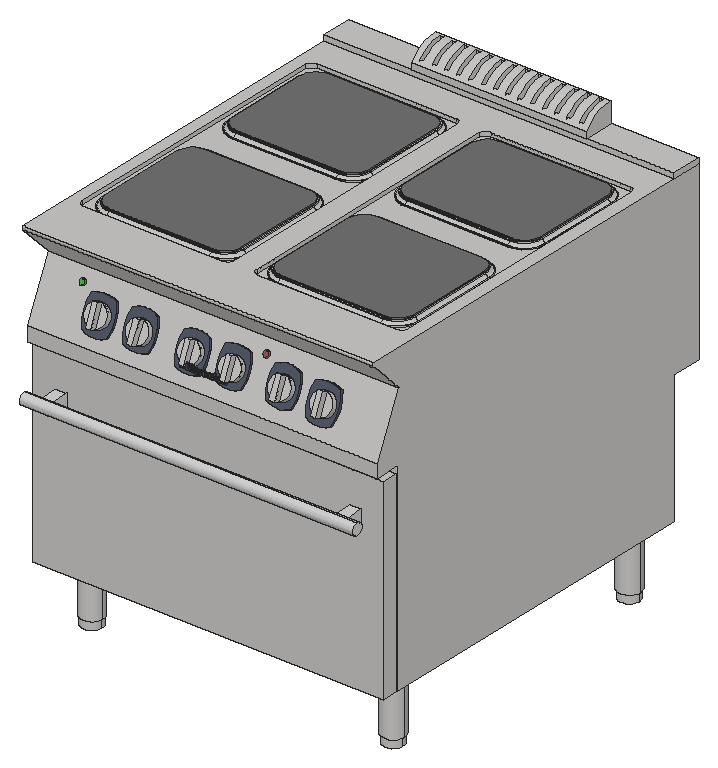
Revit family "QF_ELECTROLUXPROFESSIONAL_391041_E9ECEH4QE0", category Specialty Equipment, Revit 2018 (continued)
Automatic sketch dimensions
  plane 1 "BACK" to curve 74 = 6.761 mm
  curve 80 to curve 74 = 18.693 mm
  curve 74 to curve 75 = 9.296 mm
  plane 1 "BACK" to curve 70 = 6.761 mm
  curve 76 to curve 70 = 18.693 mm
  curve 70 to curve 71 = 9.296 mm
  plane 1 "BACK" to curve 65 = 6.761 mm
  curve 72 to curve 65 = 18.693 mm
  curve 62 to curve 64 = 9.296 mm
  curve 63 to curve 118 = 13.428 mm
  curve 1 to plane 3 "LEFT" = 100.019 mm
  curve 1 to plane 1 "BACK" = 100.019 mm
  plane 1 "BACK" to curve 101 = 6.761 mm
  plane 1 "BACK" to curve 97 = 6.761 mm
  plane 1 "BACK" to curve 93 = 6.761 mm
  curve 88 to curve 88 = 55.162 mm
  curve 84 to curve 87 = 0 mm
  curve 86 to curve 90 = 0 mm
  curve 80 to curve 83 = 0 mm
  curve 90 to curve 94 = 0 mm
  curve 76 to curve 79 = 0 mm
  curve 94 to curve 98 = 0 mm
  curve 72 to curve 75 = 0 mm
  curve 98 to curve 102 = 0 mm
  curve 68 to curve 68 = 55.162 mm
  curve 102 to curve 106 = 0 mm
  curve 64 to curve 71 = 0 mm
  curve 106 to curve 110 = 0 mm
  curve 110 to curve 116 = 0 mm
  curve 66 to curve 118 = 7.927 mm
  curve 13 to curve 21 = 0 mm  (x2)
  curve 13 to curve 29 = 0 mm  (x2)
  curve 13 to curve 37 = 0 mm  (x2)
  curve 15 to curve 23 = 0 mm  (x2)
  curve 15 to curve 35 = 0 mm  (x2)
  curve 17 to curve 25 = 0 mm  (x2)
  curve 17 to curve 33 = 0 mm
  curve 19 to curve 27 = 0 mm
  curve 19 to curve 31 = 0 mm  (x2)
  curve 19 to curve 43 = 0 mm  (x2)
  curve 33 to curve 41 = 0 mm  (x2)
  curve 35 to curve 39 = 0 mm
  curve 45 to curve 53 = 0 mm
  curve 45 to curve 162 = 0 mm
  curve 47 to curve 55 = 0 mm  (x2)
  curve 47 to curve 158 = 0 mm  (x2)
  curve 47 to curve 164 = 0 mm  (x2)
  curve 49 to curve 57 = 0 mm  (x2)
  curve 49 to curve 156 = 0 mm  (x2)
  curve 49 to curve 166 = 0 mm  (x2)
  curve 51 to curve 59 = 0 mm  (x2)
  curve 59 to curve 154 = 0 mm
  curve 59 to curve 168 = 0 mm
  curve 121 to curve 129 = 0 mm  (x2)
  curve 121 to curve 137 = 0 mm  (x2)
  curve 123 to curve 131 = 0 mm  (x2)
  curve 125 to curve 133 = 0 mm  (x2)
  curve 127 to curve 135 = 0 mm
  curve 131 to curve 143 = 0 mm  (x2)
  curve 133 to curve 141 = 0 mm
  curve 135 to curve 151 = 0 mm  (x2)
  curve 137 to curve 145 = 0 mm
  curve 139 to curve 151 = 0 mm  (x2)
  curve 141 to curve 149 = 0 mm  (x2)
  curve 143 to curve 147 = 0 mm  (x2)
  curve 154 to curve 168 = 0 mm
  curve 160 to curve 162 = 0 mm  (x2)
  curve 169 to curve 184 = 0 mm  (x2)
  curve 171 to curve 198 = 0 mm  (x2)
  curve 173 to curve 189 = 0 mm
  curve 173 to curve 196 = 0 mm  (x2)
  curve 175 to curve 182 = 0 mm
  curve 175 to curve 194 = 0 mm
  curve 178 to curve 187 = 0 mm
  curve 178 to curve 198 = 0 mm  (x2)
  curve 180 to curve 196 = 0 mm  (x2)
  curve 182 to curve 194 = 0 mm
  curve 184 to curve 199 = 0 mm
  curve 185 to curve 199 = 0 mm  (x2)
  curve 187 to curve 198 = 0 mm
  curve 189 to curve 196 = 0 mm
  curve 191 to curve 194 = 0 mm
  plane 5 "FRONT" to curve 218 = 0 mm
  plane 1 "BACK" to curve 120 = 0 mm
  curve 223 to plane 3 "LEFT" = 0 mm
  curve 212 to plane 4 "RIGHT" = 19.875 mm
  curve 207 to plane 10 = 8.115 mm
  curve 207 to plane 4 "RIGHT" = 27.5 mm
  plane 16 to curve 190 = 17.339 mm
  plane 16 to curve 146 = 17.339 mm
  curve 191 to curve 195 = 1.714 mm
  curve 145 to curve 144 = 1.714 mm
  plane 10 to curve 200 = 6.885 mm
  plane 16 to curve 205 = 13.5 mm
  curve 137 to curve 130 = 6.35 mm
  curve 194 to curve 182 = 6.35 mm
  curve 180 to curve 173 = 3 mm
  curve 129 to curve 121 = 3 mm
  plane 16 to curve 218 = 5.2 mm
  plane 5 "FRONT" to curve 221 = 7.049 mm
  curve 221 to plane 16 = 20.2 mm
  curve 147 to plane 16 = 30.725 mm
  curve 173 to plane 16 = 30.725 mm
  curve 145 to plane 16 = 30.725 mm
  curve 175 to plane 16 = 30.725 mm
  plane 12 to curve 120 = 58.15 mm
  curve 145 to curve 120 = 113.275 mm
  curve 179 to plane 10 = 10 mm
  plane 7 "Center Y" to curve 179 = 78.275 mm
  plane 14 to curve 185 = 32 mm
  plane 7 "Center Y" to curve 185 = 78.275 mm
  curve 135 to plane 12 = 32.419 mm
  plane 7 "Center Y" to curve 135 = 78.275 mm
  plane 8 "Center X" to curve 133 = 35.581 mm
  curve 133 to curve 192 = 0 mm
  curve 127 to curve 126 = 37 mm
  curve 171 to curve 171 = 37 mm
  curve 187 to curve 201 = 38.026 mm
  curve 203 to plane 12 = 30.534 mm
  curve 135 to curve 203 = 38.026 mm
  curve 203 to curve 203 = 15 mm
  curve 11 to plane 10 = 8.115 mm
  curve 11 to plane 7 "Center Y" = 25.249 mm
  curve 10 to plane 7 "Center Y" = 25.249 mm
  curve 167 to plane 7 "Center Y" = 30.211 mm
  curve 41 to plane 7 "Center Y" = 30.211 mm
  curve 167 to curve 155 = 1.714 mm
  curve 42 to curve 31 = 1.714 mm
  curve 154 to curve 51 = 6.35 mm
  curve 32 to curve 26 = 6.35 mm
  curve 11 to curve 11 = 15 mm
  curve 10 to plane 12 = 15.534 mm
  curve 10 to curve 10 = 15 mm
  curve 50 to curve 57 = 3 mm
  curve 25 to curve 17 = 3 mm
  curve 157 to plane 10 = 3.65 mm
  curve 11 to curve 157 = 38.026 mm
  curve 161 to plane 8 "Center X" = 37.936 mm
  curve 58 to curve 161 = 37 mm
  curve 10 to curve 30 = 38.026 mm
  plane 8 "Center X" to curve 16 = 38.581 mm
  curve 18 to curve 16 = 37 mm
  curve 119 to plane 15 = 144 mm
  curve 20 to plane 15 = 30.725 mm
  curve 164 to plane 15 = 30.725 mm
  curve 23 to plane 15 = 30.725 mm
  curve 162 to plane 15 = 30.725 mm
  curve 217 to plane 15 = 20.2 mm
  plane 15 to curve 216 = 5.2 mm
  plane 15 to curve 14 = 6.275 mm
  plane 15 to curve 53 = 6.275 mm
  plane 15 to curve 9 = 13.5 mm
  plane 15 to curve 12 = 13.5 mm
  curve 9 to curve 9 = 15 mm
  curve 12 to curve 12 = 15 mm
  plane 3 "LEFT" to curve 214 = 19.875 mm
  plane 12 to curve 119 = 58.15 mm
  curve 9 to plane 12 = 15.534 mm
  curve 37 to plane 12 = 24.355 mm
  curve 12 to plane 10 = 8.115 mm
  plane 5 "FRONT" to curve 214 = 7.049 mm
  plane 5 "FRONT" to curve 213 = 7.049 mm
  curve 213 to curve 218 = 15.802 mm
  curve 222 to curve 215 = 15.802 mm
  curve 212 to curve 212 = 25.4 mm
  curve 223 to plane 18 = 0.314 mm
  curve 7 to plane 7 "Center Y" = 25.249 mm
  curve 7 to curve 6 = 15 mm
  plane 10 to curve 8 = 6.885 mm
  curve 7 to curve 8 = 15 mm
  plane 15 to curve 6 = 13.5 mm
  plane 15 to curve 8 = 13.5 mm
  curve 6 to curve 5 = 15 mm
  curve 5 to plane 10 = 8.115 mm
  curve 7 to plane 10 = 8.115 mm
  curve 7 to plane 12 = 30.534 mm
  curve 5 to plane 12 = 30.534 mm
  curve 6 to plane 12 = 15.534 mm
  Extrusion 1 sketch curve to plane 6 "TOP" = 0 mm
  Extrusion 1 sketch curve to plane 11 = 0 mm
  Extrusion 1 sketch curve to plane 9 "BASE" = 0 mm
  Extrusion 1 sketch curve to plane 1 "BACK" = 0 mm
  Extrusion 1 sketch curve to plane 5 "FRONT" = 6.35 mm
  Extrusion 1 sketch curve to plane 5 "FRONT" = 1.959 mm
  Extrusion 1 sketch curve to plane 5 "FRONT" = 1.799 mm
  Extrusion 1 sketch curve to plane 11 = 55.977 mm
  plane 10 to Extrusion 1 sketch curve = 54.039 mm
  plane 12 to Extrusion 1 sketch curve = 57 mm
  plane 9 "BASE" to Extrusion 1 sketch curve = 300 mm
  Extrusion 1 sketch curve to plane 6 "TOP" = 244.211 mm
  Extrusion 1 sketch curve to Extrusion 1 sketch curve = 5.911 mm
  Extrusion 1 sketch curve to Extrusion 1 sketch curve = 32.253 mm
  Extrusion 1 sketch curve to plane 6 "TOP" = 83.191 mm
  Extrusion 1 sketch curve to plane 6 "TOP" = 9.015 mm
  Extrusion 2 sketch curve to plane 4 "RIGHT" = 27.5 mm
  plane 16 to Extrusion 2 sketch curve = 13.5 mm  (x2)
  plane 10 to Extrusion 2 sketch curve = 6.885 mm  (x2)
  Extrusion 2 sketch curve to plane 10 = 8.115 mm  (x3)
  plane 7 "Center Y" to Extrusion 2 sketch curve = 40.249 mm
  Extrusion 2 sketch curve to plane 12 = 15.534 mm  (x2)
  Extrusion 2 sketch curve to Extrusion 2 sketch curve = 15 mm  (x2)
  Extrusion 2 sketch curve to plane 7 "Center Y" = 25.249 mm
  plane 15 to Extrusion 2 sketch curve = 13.5 mm  (x2)
  plane 5 "FRONT" to Extrusion 3 sketch curve = 0 mm  (x2)
  Extrusion 3 sketch curve to plane 3 "LEFT" = 0 mm
  Extrusion 3 sketch curve to plane 4 "RIGHT" = 0 mm
  plane 1 "BACK" to Extrusion 3 sketch curve = 0 mm
  Extrusion 3 sketch curve to plane 3 "LEFT" = 100.019 mm
  plane 4 "RIGHT" to Extrusion 3 sketch curve = 100.019 mm
  Extrusion 3 sketch curve to plane 1 "BACK" = 100.019 mm
  Extrusion 4 sketch curve to Extrusion 2 = 19.225 mm  (x4)
  Extrusion 4 sketch curve to Extrusion 2 = 16.885 mm  (x3)
  Extrusion 4 sketch curve to Extrusion 4 sketch curve = 40 mm  (x6)
  Extrusion 4 sketch curve to Extrusion 2 = 53.026 mm  (x6)
  Extrusion 4 sketch curve to Extrusion 2 = 13.026 mm  (x4)
  Extrusion 4 sketch curve to Extrusion 2 = 59.225 mm  (x4)
  Extrusion 4 sketch curve to Extrusion 4 sketch curve = 189 mm
  Extrusion 4 sketch curve to Extrusion 4 sketch curve = 0 mm
  Extrusion 4 sketch curve to Extrusion 4 sketch curve = 81.581 mm  (x2)
  Extrusion 4 sketch curve to Extrusion 2 = 56.885 mm
  Sweep 5 sketch curve to Extrusion 4 = 40 mm
  Sweep 5 sketch curve to Sweep 5 sketch curve = 40 mm
  profile plane to Sweep 5 sketch curve = 0 mm
  profile plane to Sweep 5 sketch curve = 6.35 mm
  Sweep 5 sketch curve to Sweep 5 sketch curve = 1.714 mm
  profile plane to Sweep 5 sketch curve = 4.181 mm
  profile plane to Sweep 5 sketch curve = 12.291 mm
  Sweep 5 sketch curve to profile plane = 1.759 mm
  Sweep 5 sketch curve to Sweep 5 sketch curve = 1.891 mm
  Sweep 6 sketch curve to Extrusion 4 = 40 mm  (x2)
  profile plane to Sweep 6 sketch curve = 0 mm
  profile plane to Sweep 6 sketch curve = 6.35 mm
  Sweep 6 sketch curve to Sweep 6 sketch curve = 1.714 mm
  profile plane to Sweep 6 sketch curve = 4.181 mm
  profile plane to Sweep 6 sketch curve = 12.291 mm
  Sweep 6 sketch curve to profile plane = 1.759 mm
  Sweep 6 sketch curve to Sweep 6 sketch curve = 1.891 mm
  Extrusion 7 sketch curve to Extrusion 4 = 40 mm  (x6)
  Extrusion 7 sketch curve to Extrusion 7 sketch curve = 37 mm  (x2)
  Extrusion 1 to Extrusion 8 sketch curve = 29.678 mm
  Extrusion 1 to Extrusion 8 sketch curve = 89.398 mm
  Extrusion 9 sketch curve to Extrusion 9 sketch curve = 0 mm  (x23)
  Extrusion 9 sketch curve to plane 16 = 91.266 mm
  Extrusion 9 sketch curve to plane 15 = 81.734 mm
  plane 7 "Center Y" to Extrusion 9 sketch curve = 55.556 mm
  Extrusion 9 sketch curve to Extrusion 9 sketch curve = 24.732 mm  (x12)
  Extrusion 9 sketch curve to Extrusion 9 sketch curve = 5.786 mm  (x5)
  Extrusion 9 sketch curve to Extrusion 9 sketch curve = 83.428 mm
  Extrusion 9 sketch curve to plane 7 "Center Y" = 38.194 mm
  Extrusion 9 sketch curve to Extrusion 9 sketch curve = 105.928 mm
  Extrusion 9 sketch curve to Extrusion 9 sketch curve = 11.572 mm
  Extrusion 10 sketch curve to plane 7 "Center Y" = 161.537 mm
  Extrusion 10 sketch curve to plane 7 "Center Y" = 44.037 mm
  Extrusion 10 sketch curve to Extrusion 10 sketch curve = 0 mm  (x5)
  plane 7 "Center Y" to Extrusion 10 sketch curve = 49.713 mm
  Extrusion 10 sketch curve to Extrusion 10 sketch curve = 113.75 mm
  Extrusion 10 sketch curve to plane 16 = 85.537 mm
  Extrusion 10 sketch curve to plane 15 = 87.463 mm
  Extrusion 13 sketch curve to Extrusion 1 = 31.119 mm  (x6)
  Extrusion 13 sketch curve to Extrusion 1 = 33.619 mm  (x6)
  Extrusion 13 sketch curve to Extrusion 13 sketch curve = 12.3 mm  (x18)
  Extrusion 13 sketch curve to Extrusion 13 sketch curve = 32.425 mm  (x3)
  Extrusion 13 sketch curve to Extrusion 13 sketch curve = 34.925 mm  (x4)
  Extrusion 13 sketch curve to Extrusion 13 sketch curve = 2.5 mm  (x4)
  Extrusion 13 sketch curve to Extrusion 13 sketch curve = 0 mm
  Extrusion 13 sketch curve to Extrusion 13 sketch curve = 20.02 mm  (x3)
  Extrusion 13 sketch curve to Extrusion 13 sketch curve = 45.146 mm  (x3)
  Extrusion 1 to Extrusion 13 sketch curve = 89.526 mm
  Extrusion 13 sketch curve to Extrusion 13 sketch curve = 25.727 mm  (x3)
  Extrusion 13 sketch curve to Extrusion 13 sketch curve = 25.771 mm
  Extrusion 13 sketch curve to Extrusion 13 sketch curve = 28.531 mm  (x2)
  Extrusion 13 sketch curve to Extrusion 13 sketch curve = 15.703 mm  (x3)
  Extrusion 13 sketch curve to Extrusion 13 sketch curve = 35.707 mm
  Extrusion 13 sketch curve to Extrusion 13 sketch curve = 10.068 mm
  Extrusion 13 sketch curve to Extrusion 13 sketch curve = 5.896 mm
  Extrusion 13 sketch curve to Extrusion 13 sketch curve = 25.683 mm  (x2)
  Extrusion 13 sketch curve to Extrusion 13 sketch curve = 28.575 mm  (x4)
  Extrusion 13 sketch curve to Extrusion 13 sketch curve = 9.98 mm  (x2)
  Extrusion 13 sketch curve to Extrusion 13 sketch curve = 35.795 mm  (x2)
  Extrusion 13 sketch curve to Extrusion 13 sketch curve = 10.803 mm
  plane 1 "BACK" to Extrusion 14 sketch curve = 6.761 mm
  Extrusion 14 sketch curve to plane 15 = 166.749 mm
  Extrusion 14 sketch curve to Extrusion 14 sketch curve = 9.296 mm
  Extrusion 14 sketch curve to Extrusion 14 sketch curve = 55.162 mm
  Extrusion 15 sketch curve to plane 1 "BACK" = 6.761 mm
  plane 16 to Extrusion 15 sketch curve = 166.749 mm
  Extrusion 15 sketch curve to Extrusion 15 sketch curve = 9.296 mm
  Extrusion 15 sketch curve to Extrusion 15 sketch curve = 55.162 mm
  plane 1 "BACK" to Extrusion 16 sketch curve = 6.761 mm
  Extrusion 16 sketch curve to plane 7 "Center Y" = 149.263 mm
  Extrusion 16 sketch curve to Extrusion 16 sketch curve = 9.296 mm
  Extrusion 16 sketch curve to Extrusion 16 sketch curve = 55.162 mm
  plane 1 "BACK" to Extrusion 17 sketch curve = 6.761 mm
  Extrusion 17 sketch curve to plane 7 "Center Y" = 121.275 mm
  Extrusion 17 sketch curve to Extrusion 17 sketch curve = 9.296 mm
  Extrusion 17 sketch curve to Extrusion 17 sketch curve = 55.162 mm
  plane 1 "BACK" to Extrusion 18 sketch curve = 6.761 mm
  Extrusion 18 sketch curve to plane 7 "Center Y" = 93.311 mm
  Extrusion 18 sketch curve to Extrusion 18 sketch curve = 9.296 mm
  Extrusion 18 sketch curve to Extrusion 18 sketch curve = 55.162 mm
  plane 1 "BACK" to Extrusion 19 sketch curve = 6.761 mm
  Extrusion 19 sketch curve to plane 7 "Center Y" = 65.323 mm
  Extrusion 19 sketch curve to Extrusion 19 sketch curve = 9.296 mm
  Extrusion 19 sketch curve to Extrusion 19 sketch curve = 55.162 mm
  plane 1 "BACK" to Extrusion 20 sketch curve = 6.761 mm
  Extrusion 20 sketch curve to plane 7 "Center Y" = 37.335 mm
  Extrusion 20 sketch curve to Extrusion 20 sketch curve = 9.296 mm
  Extrusion 20 sketch curve to Extrusion 20 sketch curve = 55.162 mm
  Extrusion 21 sketch curve to plane 7 "Center Y" = 9.346 mm
  Extrusion 21 sketch curve to Extrusion 21 sketch curve = 9.296 mm
  plane 1 "BACK" to Extrusion 21 sketch curve = 6.761 mm
  Extrusion 21 sketch curve to Extrusion 21 sketch curve = 55.162 mm
  plane 1 "BACK" to Extrusion 22 sketch curve = 6.761 mm
  plane 7 "Center Y" to Extrusion 22 sketch curve = 18.642 mm
  Extrusion 22 sketch curve to Extrusion 22 sketch curve = 9.296 mm
  Extrusion 22 sketch curve to Extrusion 22 sketch curve = 55.162 mm
  plane 1 "BACK" to Extrusion 23 sketch curve = 6.761 mm
  plane 7 "Center Y" to Extrusion 23 sketch curve = 46.63 mm
  Extrusion 23 sketch curve to Extrusion 23 sketch curve = 9.296 mm
  Extrusion 23 sketch curve to Extrusion 23 sketch curve = 55.162 mm
  plane 1 "BACK" to Extrusion 24 sketch curve = 6.761 mm
  plane 7 "Center Y" to Extrusion 24 sketch curve = 74.619 mm
  Extrusion 24 sketch curve to Extrusion 24 sketch curve = 9.296 mm
  Extrusion 24 sketch curve to Extrusion 24 sketch curve = 55.162 mm
  plane 1 "BACK" to Extrusion 25 sketch curve = 6.761 mm
  plane 7 "Center Y" to Extrusion 25 sketch curve = 102.582 mm
  Extrusion 25 sketch curve to Extrusion 25 sketch curve = 9.296 mm
  Extrusion 25 sketch curve to Extrusion 25 sketch curve = 55.162 mm
  plane 1 "BACK" to Extrusion 26 sketch curve = 6.761 mm
  plane 7 "Center Y" to Extrusion 26 sketch curve = 130.57 mm
  Extrusion 26 sketch curve to Extrusion 26 sketch curve = 9.296 mm
  Extrusion 26 sketch curve to Extrusion 26 sketch curve = 55.162 mm
  plane 1 "BACK" to Extrusion 27 sketch curve = 6.761 mm
  plane 7 "Center Y" to Extrusion 27 sketch curve = 158.559 mm
  Extrusion 27 sketch curve to Extrusion 27 sketch curve = 9.296 mm
  Extrusion 27 sketch curve to Extrusion 27 sketch curve = 55.162 mm
  Sweep 28 sketch curve to Extrusion 4 = 40 mm
  Sweep 28 sketch curve to Sweep 28 sketch curve = 40 mm
  profile plane to Sweep 28 sketch curve = 0 mm
  Sweep 28 sketch curve to profile plane = 6.35 mm
  Sweep 28 sketch curve to Sweep 28 sketch curve = 1.714 mm
  profile plane to Sweep 28 sketch curve = 4.181 mm
  Sweep 28 sketch curve to profile plane = 12.291 mm
  Sweep 28 sketch curve to profile plane = 1.759 mm
  Sweep 28 sketch curve to Sweep 28 sketch curve = 1.891 mm
  Sweep 29 sketch curve to Extrusion 4 = 40 mm  (x2)
  profile plane to Sweep 29 sketch curve = 0 mm
  Sweep 29 sketch curve to profile plane = 6.35 mm
  Sweep 29 sketch curve to Sweep 29 sketch curve = 1.714 mm
  profile plane to Sweep 29 sketch curve = 4.181 mm
  Sweep 29 sketch curve to profile plane = 12.291 mm
  Sweep 29 sketch curve to profile plane = 1.759 mm
  Sweep 29 sketch curve to Sweep 29 sketch curve = 1.891 mm
  Extrusion 1 to Extrusion 30 sketch curve = 0 mm
  Extrusion 30 sketch curve to Extrusion 1 = 0 mm  (x2)
  Extrusion 1 to Extrusion 30 sketch curve = 16.989 mm
  Revolve 31 sketch curve to plane 9 "BASE" = 0 mm  (x2)
  Revolve 31 sketch curve to level = 0 mm
  Revolve 31 sketch curve to plane 16 = 0 mm  (x2)
  Revolve 31 sketch curve to plane 16 = 22.9 mm
  Revolve 31 sketch curve to Revolve 31 sketch curve = 2.5 mm
  level to Revolve 31 sketch curve = 19.05 mm
  plane 9 "BASE" to Revolve 31 sketch curve = 20 mm
  Revolve 32 sketch curve to plane 9 "BASE" = 0 mm  (x2)
  Revolve 32 sketch curve to level = 0 mm
  plane 15 to Revolve 32 sketch curve = 0 mm  (x2)
  plane 15 to Revolve 32 sketch curve = 22.9 mm
  Revolve 32 sketch curve to Revolve 32 sketch curve = 2.5 mm
  level to Revolve 32 sketch curve = 19.05 mm
  plane 9 "BASE" to Revolve 32 sketch curve = 20 mm
  Revolve 33 sketch curve to plane 9 "BASE" = 0 mm  (x2)
  Revolve 33 sketch curve to level = 0 mm
  Revolve 33 sketch curve to plane 16 = 0 mm  (x2)
  Revolve 33 sketch curve to plane 16 = 22.9 mm
  Revolve 33 sketch curve to Revolve 33 sketch curve = 2.5 mm
  level to Revolve 33 sketch curve = 19.05 mm
  plane 9 "BASE" to Revolve 33 sketch curve = 20 mm
  Revolve 34 sketch curve to plane 9 "BASE" = 0 mm  (x2)
  Revolve 34 sketch curve to level = 0 mm
  plane 15 to Revolve 34 sketch curve = 0 mm  (x2)
  plane 15 to Revolve 34 sketch curve = 22.9 mm
  Revolve 34 sketch curve to Revolve 34 sketch curve = 2.5 mm
  level to Revolve 34 sketch curve = 19.05 mm
  plane 9 "BASE" to Revolve 34 sketch curve = 20 mm
  Extrusion 35 sketch curve to plane 1 "BACK" = 0 mm
  plane 1 "BACK" to Extrusion 35 sketch curve = 1.769 mm
  plane 6 "TOP" to Extrusion 35 sketch curve = 25.4 mm
  plane 12 to Extrusion 35 sketch curve = 58.15 mm
  plane 6 "TOP" to Extrusion 35 sketch curve = 11.923 mm
  Extrusion 35 sketch curve to plane 6 "TOP" = 27.335 mm
  Extrusion 36 sketch curve to Extrusion 30 = 0 mm
  Extrusion 30 to Extrusion 36 sketch curve = 0 mm  (x2)
  Extrusion 36 sketch curve to Extrusion 30 = 17.597 mm
  Extrusion 36 sketch curve to Extrusion 30 = 48.034 mm
  Extrusion 37 sketch curve to plane 11 = 15.129 mm
  Extrusion 37 sketch curve to plane 6 "TOP" = 357.058 mm
  plane 5 "FRONT" to Extrusion 37 sketch curve = 17.679 mm
  Extrusion 37 sketch curve to Extrusion 37 sketch curve = 3.343 mm
  Extrusion 37 sketch curve to Extrusion 37 sketch curve = 2.066 mm
  Extrusion 37 sketch curve to Extrusion 37 sketch curve = 0 mm  (x2)
  Extrusion 37 sketch curve to Extrusion 37 sketch curve = 1.593 mm
  Extrusion 37 sketch curve to Extrusion 37 sketch curve = 5.756 mm
  Extrusion 37 sketch curve to Extrusion 37 sketch curve = 4.906 mm
  Extrusion 37 sketch curve to Extrusion 37 sketch curve = 5.312 mm
  plane 5 "FRONT" to Extrusion 37 sketch curve = 8.549 mm
  Extrusion 37 sketch curve to Extrusion 37 sketch curve = 11.3 mm
  Extrusion 37 sketch curve to Extrusion 37 sketch curve = 28.009 mm
  plane 5 "FRONT" to Extrusion 37 sketch curve = 11.379 mm
  plane 5 "FRONT" to Extrusion 38 sketch curve = 19.749 mm
  Extrusion 38 sketch curve to plane 6 "TOP" = 337.741 mm
  Extrusion 39 sketch curve to plane 11 = 15.129 mm
  Extrusion 39 sketch curve to plane 6 "TOP" = 357.058 mm
  plane 5 "FRONT" to Extrusion 39 sketch curve = 17.679 mm
  Extrusion 39 sketch curve to Extrusion 39 sketch curve = 3.343 mm
  Extrusion 39 sketch curve to Extrusion 39 sketch curve = 2.066 mm
  Extrusion 39 sketch curve to Extrusion 39 sketch curve = 0 mm  (x2)
  Extrusion 39 sketch curve to Extrusion 39 sketch curve = 1.593 mm
  Extrusion 39 sketch curve to Extrusion 39 sketch curve = 5.756 mm
  Extrusion 39 sketch curve to Extrusion 39 sketch curve = 4.906 mm
  Extrusion 39 sketch curve to Extrusion 39 sketch curve = 5.312 mm
  plane 5 "FRONT" to Extrusion 39 sketch curve = 8.549 mm
  Extrusion 39 sketch curve to Extrusion 39 sketch curve = 11.3 mm
  Extrusion 39 sketch curve to Extrusion 39 sketch curve = 28.009 mm
  Extrusion 39 sketch curve to Extrusion 39 sketch curve = 11.2 mm
  Extrusion 40 sketch curve to Extrusion 1 = 0 mm  (x2)
  Extrusion 1 to Extrusion 40 sketch curve = 1.15 mm
  Extrusion 1 to Extrusion 40 sketch curve = 11.923 mm
  Extrusion 1 to Extrusion 41 sketch curve = 29.678 mm
  Extrusion 1 to Extrusion 41 sketch curve = 290.602 mm
  curve 223 to plane 4 "RIGHT" = 0 mm
  plane 5 "FRONT" to curve 61 = 0 mm
  plane 5 "FRONT" to curve 208 = 0 mm
  plane 5 "FRONT" to curve 220 = 0 mm
  plane 5 "FRONT" to curve 217 = 0 mm
  plane 5 "FRONT" to curve 215 = 0 mm
  plane 7 "Center Y" to Extrusion 42 sketch curve = 20.825 mm
  Extrusion 42 sketch curve to plane 6 "TOP" = 177.349 mm
  Extrusion 42 sketch curve to plane 7 "Center Y" = 14.274 mm
  Extrusion 42 sketch curve to Extrusion 42 sketch curve = 5.041 mm
  plane 7 "Center Y" to Extrusion 42 sketch curve = 5.502 mm
  Extrusion 42 sketch curve to Extrusion 42 sketch curve = 5.06 mm
  Extrusion 42 sketch curve to Extrusion 42 sketch curve = 0 mm  (x28)
  Extrusion 42 sketch curve to Extrusion 42 sketch curve = 5.108 mm  (x2)
  Extrusion 42 sketch curve to Extrusion 42 sketch curve = 0.054 mm
  Extrusion 42 sketch curve to Extrusion 42 sketch curve = 0.218 mm
  Extrusion 42 sketch curve to Extrusion 42 sketch curve = 0.195 mm
  Extrusion 42 sketch curve to Extrusion 42 sketch curve = 0.249 mm
  Extrusion 42 sketch curve to Extrusion 42 sketch curve = 0.316 mm
  Extrusion 42 sketch curve to Extrusion 42 sketch curve = 0.087 mm
  Extrusion 42 sketch curve to Extrusion 42 sketch curve = 0.358 mm
  Extrusion 42 sketch curve to Extrusion 42 sketch curve = 0.481 mm
  Extrusion 42 sketch curve to Extrusion 42 sketch curve = 0.597 mm
  Extrusion 42 sketch curve to Extrusion 42 sketch curve = 0.544 mm
  Extrusion 42 sketch curve to Extrusion 42 sketch curve = 0.936 mm
  Extrusion 42 sketch curve to Extrusion 42 sketch curve = 0.594 mm
  Extrusion 42 sketch curve to Extrusion 42 sketch curve = 0.343 mm
  Extrusion 42 sketch curve to Extrusion 42 sketch curve = 0.159 mm
  Extrusion 42 sketch curve to Extrusion 42 sketch curve = 0.826 mm
  Extrusion 42 sketch curve to Extrusion 42 sketch curve = 0.839 mm
  Extrusion 42 sketch curve to Extrusion 42 sketch curve = 0.852 mm
  Extrusion 42 sketch curve to Extrusion 42 sketch curve = 0.887 mm
  Extrusion 42 sketch curve to Extrusion 42 sketch curve = 0.928 mm
  Extrusion 42 sketch curve to Extrusion 42 sketch curve = 0.938 mm
  Extrusion 42 sketch curve to Extrusion 42 sketch curve = 0.444 mm
  Extrusion 42 sketch curve to Extrusion 42 sketch curve = 1.11 mm  (x3)
  plane 7 "Center Y" to Extrusion 42 sketch curve = 43.259 mm
  Extrusion 42 sketch curve to Extrusion 42 sketch curve = 0.215 mm
  Extrusion 42 sketch curve to plane 7 "Center Y" = 0.135 mm
  Extrusion 42 sketch curve to Extrusion 42 sketch curve = 1.43 mm
  Extrusion 42 sketch curve to Extrusion 42 sketch curve = 1.188 mm
  Extrusion 42 sketch curve to Extrusion 42 sketch curve = 1.21 mm  (x2)
  Extrusion 42 sketch curve to Extrusion 42 sketch curve = 0.503 mm
  plane 7 "Center Y" to Extrusion 42 sketch curve = 48.528 mm
  Extrusion 42 sketch curve to Extrusion 42 sketch curve = 0.488 mm
  plane 7 "Center Y" to Extrusion 42 sketch curve = 52.455 mm
  Extrusion 42 sketch curve to Extrusion 42 sketch curve = 0.462 mm
  Extrusion 42 sketch curve to Extrusion 42 sketch curve = 1.386 mm
  Extrusion 42 sketch curve to Extrusion 42 sketch curve = 1.742 mm
  Extrusion 42 sketch curve to Extrusion 42 sketch curve = 0.821 mm
  Extrusion 42 sketch curve to Extrusion 42 sketch curve = 0.497 mm
  Extrusion 42 sketch curve to Extrusion 42 sketch curve = 0.539 mm
  Extrusion 42 sketch curve to Extrusion 42 sketch curve = 0.686 mm
  Extrusion 42 sketch curve to plane 7 "Center Y" = 0.509 mm
  Extrusion 42 sketch curve to Extrusion 42 sketch curve = 0.408 mm
  Extrusion 42 sketch curve to Extrusion 42 sketch curve = 0.743 mm
  Extrusion 42 sketch curve to Extrusion 42 sketch curve = 1.16 mm
  Extrusion 42 sketch curve to Extrusion 42 sketch curve = 0.329 mm
  Extrusion 42 sketch curve to Extrusion 42 sketch curve = 1.054 mm
  Extrusion 42 sketch curve to Extrusion 42 sketch curve = 1.056 mm
  Extrusion 42 sketch curve to Extrusion 42 sketch curve = 0.129 mm
  Extrusion 42 sketch curve to Extrusion 42 sketch curve = 0.489 mm
  Extrusion 42 sketch curve to Extrusion 42 sketch curve = 0.441 mm
  Extrusion 42 sketch curve to Extrusion 42 sketch curve = 1.151 mm
  Extrusion 42 sketch curve to Extrusion 42 sketch curve = 1.141 mm  (x2)
  Extrusion 42 sketch curve to Extrusion 42 sketch curve = 0.768 mm
  Extrusion 42 sketch curve to Extrusion 42 sketch curve = 1.653 mm
  Extrusion 42 sketch curve to Extrusion 42 sketch curve = 0.499 mm
  Extrusion 42 sketch curve to Extrusion 42 sketch curve = 0.964 mm
  Extrusion 42 sketch curve to Extrusion 42 sketch curve = 0.949 mm
  Extrusion 42 sketch curve to Extrusion 42 sketch curve = 1.345 mm  (x3)
  Extrusion 42 sketch curve to Extrusion 42 sketch curve = 1.101 mm
  Extrusion 42 sketch curve to Extrusion 42 sketch curve = 0.432 mm
  Extrusion 42 sketch curve to Extrusion 42 sketch curve = 1.142 mm
  Extrusion 42 sketch curve to Extrusion 42 sketch curve = 0.959 mm
  Extrusion 42 sketch curve to Extrusion 42 sketch curve = 0.176 mm
  Extrusion 42 sketch curve to Extrusion 42 sketch curve = 0.728 mm
  Extrusion 42 sketch curve to Extrusion 42 sketch curve = 3.375 mm  (x2)
  Extrusion 42 sketch curve to Extrusion 42 sketch curve = 0.541 mm
  Extrusion 42 sketch curve to Extrusion 42 sketch curve = 0.955 mm
  Extrusion 42 sketch curve to Extrusion 42 sketch curve = 1.251 mm
  Extrusion 42 sketch curve to Extrusion 42 sketch curve = 0.572 mm
  plane 7 "Center Y" to Extrusion 42 sketch curve = 47.152 mm
  Extrusion 42 sketch curve to Extrusion 42 sketch curve = 1.92 mm
  Extrusion 42 sketch curve to Extrusion 42 sketch curve = 1.224 mm
  Extrusion 42 sketch curve to Extrusion 42 sketch curve = 0.745 mm
  Extrusion 42 sketch curve to Extrusion 42 sketch curve = 0.036 mm
  Extrusion 42 sketch curve to Extrusion 42 sketch curve = 0.896 mm  (x3)
  Extrusion 42 sketch curve to Extrusion 42 sketch curve = 2.607 mm
  Extrusion 42 sketch curve to Extrusion 42 sketch curve = 0.066 mm
  Extrusion 42 sketch curve to Extrusion 42 sketch curve = 0.248 mm
  Extrusion 42 sketch curve to Extrusion 42 sketch curve = 0.449 mm
  plane 7 "Center Y" to Extrusion 42 sketch curve = 46.371 mm
  Extrusion 42 sketch curve to Extrusion 42 sketch curve = 1.052 mm
  Extrusion 42 sketch curve to Extrusion 42 sketch curve = 1.863 mm
  Extrusion 42 sketch curve to Extrusion 42 sketch curve = 1.31 mm  (x2)
  Extrusion 42 sketch curve to Extrusion 42 sketch curve = 0.901 mm
  Extrusion 42 sketch curve to Extrusion 42 sketch curve = 1.107 mm
  Extrusion 42 sketch curve to Extrusion 42 sketch curve = 2.122 mm
  Extrusion 42 sketch curve to Extrusion 42 sketch curve = 2.101 mm
  Extrusion 42 sketch curve to Extrusion 42 sketch curve = 0.106 mm
  Extrusion 42 sketch curve to Extrusion 42 sketch curve = 0.029 mm
  plane 7 "Center Y" to Extrusion 42 sketch curve = 49.174 mm
  Extrusion 42 sketch curve to Extrusion 42 sketch curve = 2.09 mm
  Extrusion 42 sketch curve to Extrusion 42 sketch curve = 1.279 mm
  Extrusion 42 sketch curve to Extrusion 42 sketch curve = 2.008 mm
  Extrusion 42 sketch curve to Extrusion 42 sketch curve = 0.738 mm
  Extrusion 42 sketch curve to Extrusion 42 sketch curve = 0.382 mm
  Extrusion 42 sketch curve to Extrusion 42 sketch curve = 0.384 mm
  Extrusion 42 sketch curve to Extrusion 42 sketch curve = 0.002 mm
  Extrusion 42 sketch curve to Extrusion 42 sketch curve = 0.561 mm
  Extrusion 42 sketch curve to Extrusion 42 sketch curve = 0.592 mm
  Extrusion 42 sketch curve to Extrusion 42 sketch curve = 2.692 mm
  Extrusion 42 sketch curve to Extrusion 42 sketch curve = 1.259 mm
  plane 7 "Center Y" to Extrusion 42 sketch curve = 48.391 mm
  Extrusion 42 sketch curve to Extrusion 42 sketch curve = 0.802 mm
  Extrusion 42 sketch curve to Extrusion 42 sketch curve = 1.024 mm  (x2)
  Extrusion 42 sketch curve to Extrusion 42 sketch curve = 0.682 mm
  Extrusion 42 sketch curve to Extrusion 42 sketch curve = 5.934 mm
  Extrusion 42 sketch curve to Extrusion 42 sketch curve = 2.186 mm
  Extrusion 42 sketch curve to Extrusion 42 sketch curve = 0.337 mm
  Extrusion 42 sketch curve to Extrusion 42 sketch curve = 0.021 mm
  Extrusion 42 sketch curve to Extrusion 42 sketch curve = 1.005 mm
  Extrusion 42 sketch curve to Extrusion 42 sketch curve = 0.552 mm
  Extrusion 42 sketch curve to Extrusion 42 sketch curve = 0.778 mm
  Extrusion 42 sketch curve to Extrusion 42 sketch curve = 0.063 mm
  Extrusion 42 sketch curve to Extrusion 42 sketch curve = 1.023 mm
  Extrusion 42 sketch curve to Extrusion 42 sketch curve = 3.804 mm
  Extrusion 42 sketch curve to Extrusion 42 sketch curve = 0.486 mm
  Extrusion 42 sketch curve to Extrusion 42 sketch curve = 0.266 mm
  Extrusion 42 sketch curve to plane 7 "Center Y" = 1.254 mm
  Extrusion 42 sketch curve to Extrusion 42 sketch curve = 1.547 mm
  Extrusion 42 sketch curve to Extrusion 42 sketch curve = 0.717 mm  (x2)
  Extrusion 42 sketch curve to Extrusion 42 sketch curve = 1.667 mm
  plane 7 "Center Y" to Extrusion 42 sketch curve = 44.065 mm
  Extrusion 42 sketch curve to Extrusion 42 sketch curve = 3.174 mm
  Extrusion 42 sketch curve to plane 7 "Center Y" = 0.099 mm
  Extrusion 42 sketch curve to Extrusion 42 sketch curve = 0.388 mm
  Extrusion 42 sketch curve to Extrusion 42 sketch curve = 1.342 mm
  plane 7 "Center Y" to Extrusion 42 sketch curve = 49.668 mm
  Extrusion 42 sketch curve to Extrusion 42 sketch curve = 1.521 mm
  plane 7 "Center Y" to Extrusion 42 sketch curve = 51.227 mm
  Extrusion 42 sketch curve to Extrusion 42 sketch curve = 0.124 mm
  plane 7 "Center Y" to Extrusion 42 sketch curve = 0.172 mm
  Extrusion 42 sketch curve to Extrusion 42 sketch curve = 0.291 mm
  plane 7 "Center Y" to Extrusion 42 sketch curve = 6.818 mm
  Extrusion 42 sketch curve to Extrusion 42 sketch curve = 1.049 mm  (x2)
  plane 7 "Center Y" to Extrusion 42 sketch curve = 47.201 mm
  Extrusion 42 sketch curve to Extrusion 42 sketch curve = 1.7 mm
  Extrusion 42 sketch curve to Extrusion 42 sketch curve = 0.894 mm
  Extrusion 42 sketch curve to Extrusion 42 sketch curve = 0.989 mm
  Extrusion 42 sketch curve to Extrusion 42 sketch curve = 1.168 mm
  Extrusion 42 sketch curve to Extrusion 42 sketch curve = 1.594 mm
  Extrusion 42 sketch curve to Extrusion 42 sketch curve = 0.731 mm
  Extrusion 42 sketch curve to Extrusion 42 sketch curve = 1.566 mm
  Extrusion 42 sketch curve to Extrusion 42 sketch curve = 0.064 mm
  plane 7 "Center Y" to Extrusion 42 sketch curve = 7.375 mm
  Extrusion 42 sketch curve to Extrusion 42 sketch curve = 0.556 mm
  Extrusion 42 sketch curve to Extrusion 42 sketch curve = 0.48 mm
  Extrusion 42 sketch curve to Extrusion 42 sketch curve = 1.018 mm
  plane 7 "Center Y" to Extrusion 42 sketch curve = 36.962 mm
  Extrusion 42 sketch curve to Extrusion 42 sketch curve = 0.787 mm
  Extrusion 42 sketch curve to Extrusion 42 sketch curve = 0.618 mm
  plane 7 "Center Y" to Extrusion 42 sketch curve = 42.019 mm
  Extrusion 42 sketch curve to Extrusion 42 sketch curve = 1.672 mm
  plane 7 "Center Y" to Extrusion 42 sketch curve = 52.969 mm
  Extrusion 42 sketch curve to Extrusion 42 sketch curve = 1.361 mm
  Extrusion 42 sketch curve to Extrusion 42 sketch curve = 0.822 mm
  Extrusion 42 sketch curve to Extrusion 42 sketch curve = 0.069 mm
  Extrusion 42 sketch curve to Extrusion 42 sketch curve = 1.88 mm
  plane 7 "Center Y" to Extrusion 42 sketch curve = 34.802 mm
  Extrusion 42 sketch curve to Extrusion 42 sketch curve = 0.42 mm
  Extrusion 42 sketch curve to Extrusion 42 sketch curve = 0.062 mm
  Extrusion 42 sketch curve to Extrusion 42 sketch curve = 1.355 mm
  Extrusion 42 sketch curve to Extrusion 42 sketch curve = 2.34 mm
  Extrusion 42 sketch curve to Extrusion 42 sketch curve = 0.493 mm
  Extrusion 42 sketch curve to Extrusion 42 sketch curve = 0.136 mm
  Extrusion 42 sketch curve to Extrusion 42 sketch curve = 0.128 mm
  Extrusion 42 sketch curve to Extrusion 42 sketch curve = 3.616 mm
  Extrusion 42 sketch curve to Extrusion 42 sketch curve = 4.207 mm
  Extrusion 42 sketch curve to Extrusion 42 sketch curve = 0.183 mm
  Extrusion 42 sketch curve to Extrusion 42 sketch curve = 0.895 mm
  Extrusion 42 sketch curve to Extrusion 42 sketch curve = 1.314 mm
  Extrusion 42 sketch curve to Extrusion 42 sketch curve = 3.231 mm
  Extrusion 42 sketch curve to plane 7 "Center Y" = 23.993 mm
  Extrusion 42 sketch curve to Extrusion 42 sketch curve = 1.299 mm
  Extrusion 42 sketch curve to Extrusion 42 sketch curve = 1.214 mm
  plane 7 "Center Y" to Extrusion 42 sketch curve = 25.902 mm
  Extrusion 42 sketch curve to Extrusion 42 sketch curve = 1.264 mm
  Extrusion 42 sketch curve to Extrusion 42 sketch curve = 0.109 mm
  Extrusion 42 sketch curve to Extrusion 42 sketch curve = 0.357 mm
  Extrusion 42 sketch curve to Extrusion 42 sketch curve = 0.565 mm
  Extrusion 42 sketch curve to Extrusion 42 sketch curve = 2.504 mm
  Extrusion 42 sketch curve to Extrusion 42 sketch curve = 2.459 mm
  Extrusion 42 sketch curve to Extrusion 42 sketch curve = 0.983 mm
  Extrusion 42 sketch curve to Extrusion 42 sketch curve = 0.422 mm  (x2)
  Extrusion 42 sketch curve to Extrusion 42 sketch curve = 1.268 mm
  Extrusion 42 sketch curve to Extrusion 42 sketch curve = 0.671 mm
  Extrusion 42 sketch curve to Extrusion 42 sketch curve = 1.634 mm
  Extrusion 42 sketch curve to Extrusion 42 sketch curve = 0.132 mm
  Extrusion 42 sketch curve to Extrusion 42 sketch curve = 0.586 mm
  Extrusion 42 sketch curve to Extrusion 42 sketch curve = 1.241 mm
  Extrusion 42 sketch curve to Extrusion 42 sketch curve = 1.689 mm
  Extrusion 42 sketch curve to Extrusion 42 sketch curve = 0.627 mm
  Extrusion 42 sketch curve to Extrusion 42 sketch curve = 0.419 mm
  Extrusion 42 sketch curve to Extrusion 42 sketch curve = 1.514 mm
  Extrusion 42 sketch curve to Extrusion 42 sketch curve = 1.019 mm
  Extrusion 42 sketch curve to Extrusion 42 sketch curve = 0.065 mm
  Extrusion 42 sketch curve to Extrusion 42 sketch curve = 1.215 mm
  Extrusion 42 sketch curve to Extrusion 42 sketch curve = 1.122 mm
  Extrusion 42 sketch curve to Extrusion 42 sketch curve = 1.153 mm
  Extrusion 42 sketch curve to Extrusion 42 sketch curve = 1.223 mm
  Extrusion 42 sketch curve to Extrusion 42 sketch curve = 0.934 mm
  Extrusion 42 sketch curve to Extrusion 42 sketch curve = 3.376 mm
  Extrusion 42 sketch curve to Extrusion 42 sketch curve = 0.222 mm
  Extrusion 42 sketch curve to Extrusion 42 sketch curve = 1.383 mm
  Extrusion 42 sketch curve to Extrusion 42 sketch curve = 1.556 mm
  Extrusion 42 sketch curve to Extrusion 42 sketch curve = 2.559 mm
  Extrusion 42 sketch curve to Extrusion 42 sketch curve = 2.51 mm
  Extrusion 42 sketch curve to Extrusion 42 sketch curve = 0.131 mm
  Extrusion 42 sketch curve to Extrusion 42 sketch curve = 1.134 mm
  Extrusion 42 sketch curve to Extrusion 42 sketch curve = 0.094 mm
  Extrusion 42 sketch curve to Extrusion 42 sketch curve = 1.584 mm
  Extrusion 42 sketch curve to Extrusion 42 sketch curve = 0.916 mm
  Extrusion 42 sketch curve to Extrusion 42 sketch curve = 0.352 mm
  Extrusion 42 sketch curve to Extrusion 42 sketch curve = 0.458 mm
  Extrusion 42 sketch curve to Extrusion 42 sketch curve = 1.282 mm
  Extrusion 42 sketch curve to Extrusion 42 sketch curve = 1.363 mm
  Extrusion 42 sketch curve to Extrusion 42 sketch curve = 0.685 mm
  Extrusion 42 sketch curve to Extrusion 42 sketch curve = 0.905 mm
  Extrusion 42 sketch curve to Extrusion 42 sketch curve = 1.477 mm
  Extrusion 42 sketch curve to Extrusion 42 sketch curve = 0.472 mm
  Extrusion 42 sketch curve to Extrusion 42 sketch curve = 0.101 mm
  Extrusion 42 sketch curve to Extrusion 42 sketch curve = 0.54 mm
  Extrusion 42 sketch curve to Extrusion 42 sketch curve = 0.02 mm
  Extrusion 42 sketch curve to Extrusion 42 sketch curve = 0.829 mm
  Extrusion 42 sketch curve to Extrusion 42 sketch curve = 0.582 mm
  Extrusion 42 sketch curve to Extrusion 42 sketch curve = 0.166 mm
  Extrusion 42 sketch curve to Extrusion 42 sketch curve = 0.16 mm
  Extrusion 42 sketch curve to Extrusion 42 sketch curve = 1.118 mm
  Extrusion 42 sketch curve to Extrusion 42 sketch curve = 0.613 mm
  Extrusion 42 sketch curve to Extrusion 42 sketch curve = 0.781 mm
  Extrusion 42 sketch curve to Extrusion 42 sketch curve = 0.361 mm
  Extrusion 42 sketch curve to Extrusion 42 sketch curve = 0.897 mm
  Extrusion 42 sketch curve to Extrusion 42 sketch curve = 0.167 mm
  Extrusion 42 sketch curve to Extrusion 42 sketch curve = 0.292 mm
  Extrusion 42 sketch curve to Extrusion 42 sketch curve = 0.305 mm
  Extrusion 42 sketch curve to Extrusion 42 sketch curve = 1.557 mm
  Extrusion 42 sketch curve to Extrusion 42 sketch curve = 2.499 mm
  Extrusion 42 sketch curve to Extrusion 42 sketch curve = 3.062 mm
  Extrusion 42 sketch curve to Extrusion 42 sketch curve = 2.968 mm
  Extrusion 42 sketch curve to Extrusion 42 sketch curve = 5.044 mm
  Extrusion 42 sketch curve to Extrusion 42 sketch curve = 0.629 mm  (x2)
  Extrusion 42 sketch curve to Extrusion 42 sketch curve = 1.131 mm
  Extrusion 42 sketch curve to Extrusion 42 sketch curve = 0.137 mm
  Extrusion 42 sketch curve to Extrusion 42 sketch curve = 0.027 mm
  Extrusion 42 sketch curve to Extrusion 42 sketch curve = 2.046 mm
  Extrusion 42 sketch curve to Extrusion 42 sketch curve = 2.235 mm
  radius of Sweep 5 sketch curve to Extrusion 4 = 0 mm  (x2)
  radius of Sweep 6 sketch curve to Extrusion 4 = 0 mm  (x2)
  radius of Extrusion 7 sketch curve to Extrusion 4 = 3 mm  (x8)
  radius of Extrusion 8 sketch curve = 6.35 mm
  radius of Extrusion 10 sketch curve = 25.4 mm  (x6)
  radius of Extrusion 11 sketch curve = 12.7 mm
  radius of Extrusion 12 sketch curve = 12.7 mm
  radius of Sweep 28 sketch curve to Extrusion 4 = 0 mm  (x2)
  radius of Sweep 29 sketch curve to Extrusion 4 = 0 mm  (x2)
  radius of Extrusion 38 sketch curve = 12.7 mm
  radius of Extrusion 41 sketch curve = 6.35 mm
Connectors
  electrical at (753, -713, 137.3), driven by "Volts", driven by "Watts"
    settings: on Extrusion 11, index 1, voltage 400 V, apparent load 22000 VA, apparent load phase1 0 VA, apparent load phase2 0 VA, apparent load phase3 0 VA, power factor 1, load classification "Other", number of poles 1, system type 30, power factor state 1, is connector primary yes, connector utility no, sub classification motor no, connector description "ELECTRICAL CONNECTION"
